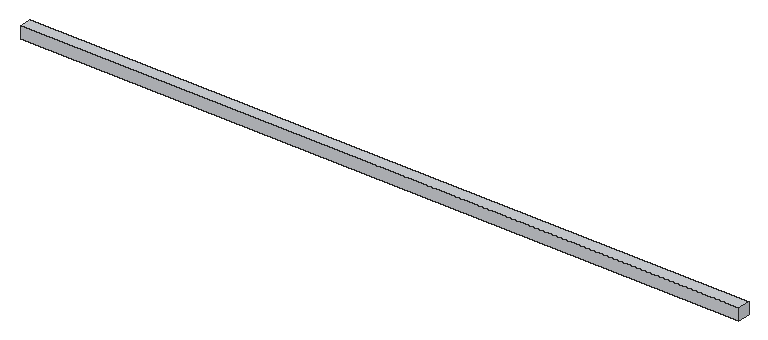
Revit family "BIM_ST_Scaff_CrossBrace_Shared", category Generic Models, Revit 2022
Family settings
  Can host rebar = No
  Round Connector Dimension = Use Diameter
  Part Type = Normal
  Work Plane-Based = No
  Always vertical = Yes
  Cut with Voids When Loaded = No
  Maintain Annotation Orientation = No
  Shared = Yes
  Room Calculation Point = No
Parameters
  Default Elevation = 0 mm
Reference planes
  plane 1 "Center (Front/Back)": y = 0
  plane 2: z = 0
  plane 3 "Center (Left/Right)": x = 0
Forms (mm)
  Extrusion 1, solid
    sketch origin (0, 0, 0) x (1, 0, 0) y (0, 1, 0)
      loop
        line (-900, -15) -> (900, -15) -> (900, 15) -> (-900, 15) -> (-900, -15)
    from 0 to 30
Dimensions and locks
  aligned and locked: level to plane 2
